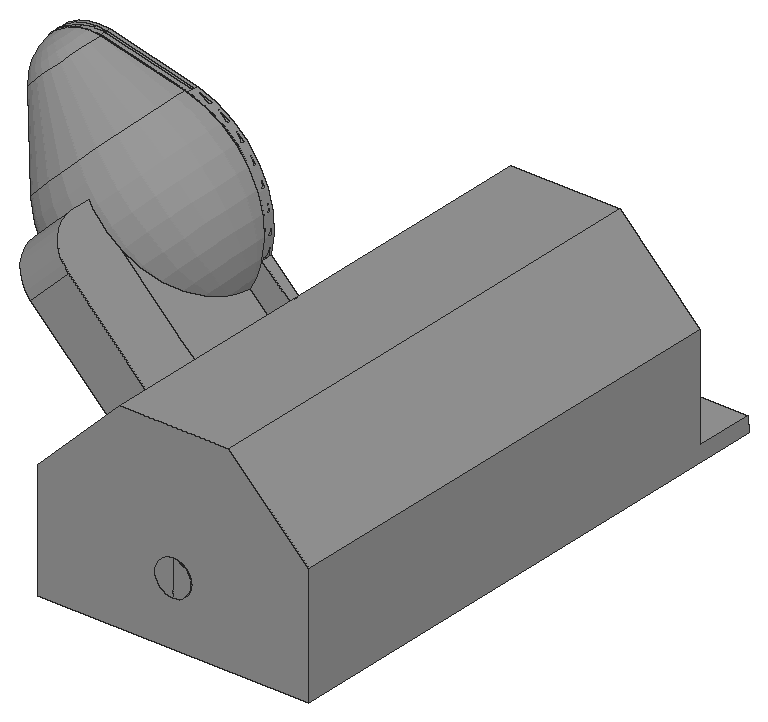
Revit family "Combination-Willoughby-ECF-1847-R-L-ON", category Plumbing Fixtures, Revit 2015
Parameters (values of type "Standard")
  Waste DIA = 2 3/8"
  Waste Connection = yes
  Vent Connection = no
  URL = "https://www.willoughby-ind.com/wp-content/uploads/2017/12/1847.pdf"
  Type Comments = ""
  Revision = "A"
  Lav Waste DIA = 1 1/2"
  Lav Waste Connection = yes
  HW Connection = no
  Flush Inlet DIA = 1 1/2"
  Flush Inlet Connection = yes
  Fixture Body = Stainless Steel AISI 304-Willoughby
  Model = "ECF-1847-R-L-ON"
  Manufacturer = "Willoughby Industries"
  Description = "1847 Combination Unit, Floor toilet waste outlet, Left toilet, Right Lav. Bowl, On Floor mounted"
  Default Elevation = 0' - 0"
  Contact = "(800) 428-4065"
  CW Connection = no
Reference planes (in)
  plane 1 "Center (Front/Back)": y = 0
  plane 2: z = 0
  plane 3 "Center (Left/Right)": x = 0
  plane 4: x = 3.59375
  plane 5: x = -3.59375
  plane 6: x = 9
  plane 7: x = -9
  plane 8: z = 7.9375
  plane 9: z = 13.25
  plane 10: z = 1.0625
  plane 11: x = -6.375
  plane 12: x = 2.25
  plane 13: y = 14.99123
  plane 14: y = 20.5
  plane 15: y = 24.5
  plane 16 "Floor Waste": z = 4.25
  plane 17: through (-3.94669, 15.24123, 29.94763) normal (-0.7071, 0, 0.7071)
  plane 18: through (-12.27612, 15.24123, 28.51249) normal (-0.7071, 0, 0.7071)
  plane 19: through (-13.86327, 15.24123, 22.31116) normal (0.7071, 0, 0.7071)
  plane 20: through (-18.10591, 15.24123, 18.06852) normal (0.7071, 0, 0.7071)
Forms (in)
  Extrusion 1, solid, material "Stainless Steel AISI 304-Willoughby" <- "Fixture Body"
    sketch origin (0, 0, 0) x (1, 0, 0) y (0, 0, 1)
      loop
        line (9, 0) -> (9, 7.9375) -> (3.6875, 13.25) -> (-3.59375, 13.25) -> (-9, 7.84375) -> (-9, 0) -> (9, 0)
    from 0 to -32.5
  Extrusion 2, solid, material "Stainless Steel AISI 304-Willoughby" <- "Fixture Body"
    sketch origin (0, 0, 0) x (1, 0, 0) y (0, 0, 1)
      loop
        line (9, 0) -> (9, 1.0625) -> (-9, 1.0625) -> (-9, 0) -> (9, 0)
    from -32.5 to -36.5
  Extrusion 3, void
    sketch origin (0, 0, 0) x (1, 0, 0) y (0, 0, 1)
      loop
        line (8.03033, 7.1394) -> (2.55026, 12.61861)
        arc (2.55026, 12.61861) -> (2.40417, 12.71659) -> (2.23166, 12.75101) r 0.44955
        line (2.23166, 12.75101) -> (0.18776, 12.75101)
        arc (0.18776, 12.75101) -> (-0.69647, 12.38474) -> (-1.06274, 11.50051) r 1.2505
        line (-1.06274, 11.50051) -> (-1.06274, 4.92717)
        arc (-1.06274, 4.92717) -> (-0.94854, 4.35308) -> (-0.62332, 3.86639) r 1.50011
        line (-0.62332, 3.86639) -> (0.06911, 3.1742)
        arc (0.06911, 3.1742) -> (0.6082, 2.81399) -> (1.24411, 2.6875) r 1.66169
        line (1.24411, 2.6875) -> (6.75, 2.6875)
        arc (6.75, 2.6875) -> (7.81066, 3.12684) -> (8.25, 4.1875) r 1.5
        line (8.25, 4.1875) -> (8.25, 6.60907)
        arc (8.25, 6.60907) -> (8.19291, 6.89609) -> (8.03033, 7.1394) r 0.75
    from -32.5 to -27
  Revolve 4, solid, material "Stainless Steel AISI 304-Willoughby" <- "Fixture Body"
    sketch origin (0, 20.5, -12.68404) x (0, 0, -1) y (-1, 0, 0)
      loop
        line (-12.68299, 6.375) -> (-14.18404, 6.375) -> (-14.18404, 5.625) -> (-12.68299, 5.625) -> (-12.68299, 6.375)
      axis (-12.68299, 6.375) -> (-14.18404, 6.375)
    angle from 0 to 360
  Revolve 5, solid, material "Stainless Steel AISI 304-Willoughby" <- "Fixture Body"
    sketch origin (0, 24.5, -7.01223) x (0, 0, -1) y (-1, 0, 0)
      loop
        line (-4.00442, -2.25) -> (-8.51223, -2.25) -> (-8.51223, -3) -> (-4.00442, -3) -> (-4.00442, -2.25)
      axis (-4.00442, -2.25) -> (-8.51223, -2.25)
    angle from 0 to 360
  Revolve 6, solid, material "Stainless Steel AISI 304-Willoughby" <- "Fixture Body"
    sketch origin (0, 0, 0) x (0, 1, 0) y (0, 0, 1)
      loop
        line (-0.04473, 4.25) -> (-0.04473, 3.0625) -> (2, 3.0625) -> (2, 4.25) -> (-0.04473, 4.25)
      axis (-0.04473, 4.25) -> (2, 4.25)
    angle from 0 to 360
  Revolve 7, solid, material "Stainless Steel AISI 304-Willoughby" <- "Fixture Body"
    sketch origin (-3.34786, 14.74123, 7.55312) x (0.707107, 0, -0.707107) y (-0.707107, 0, -0.707107)
      loop
        arc (-16.25875, -6.02566) -> (-9.22764, -6.08019) -> (-5.69625, 0) r 7
        line (-5.69625, 0) -> (-6.19625, 0)
        arc (-6.19625, 0) -> (-9.4731, -5.64458) -> (-15.99973, -5.59794) r 6.5
        line (-15.99973, -5.59794) -> (-20.8721, -2.57392)
        arc (-20.8721, -2.57392) -> (-21.91777, -1.47245) -> (-22.28998, 0) r 3
        line (-22.28998, 0) -> (-22.79, 0)
        arc (-22.79, 0) -> (-22.35472, -1.71553) -> (-21.13577, -2.99875) r 3.5
        line (-21.13577, -2.99875) -> (-16.25875, -6.02566)
      axis (-22.79, 0) -> (-5.69625, 0)
    angle from 0 to 180
  Extrusion 8, solid, material "Stainless Steel AISI 304-Willoughby" <- "Fixture Body"
    sketch origin (-3.19577, 14.74123, 7.40102) x (0.707107, 0, -0.707107) y (-0.707107, 0, -0.707107)
      loop
        arc (-16.31246, -6.11221) -> (-11.15584, -6.77641) -> (-6.96698, -3.69657) r 6.99024
        line (-6.96698, -3.69657) -> (-4.40074, -3.69657) -> (-4.40074, 3.65625) -> (-6.9421, 3.65625)
        arc (-6.9421, 3.65625) -> (-11.2049, 6.78845) -> (-16.44046, 6.03277) r 6.98205
        line (-16.44046, 6.03277) -> (-21.4104, 2.94819)
        arc (-21.4104, 2.94819) -> (-23.00527, 0) -> (-21.4104, -2.94819) r 3.52237
        line (-21.4104, -2.94819) -> (-16.31246, -6.11221)
      loop
        line (-20.34476, -1.63051) -> (-15.05004, -3.88749)
        arc (-15.05004, -3.88749) -> (-8.1517, 0) -> (-15.05004, 3.88749) r 4.54455
        line (-15.05004, 3.88749) -> (-20.34476, 1.63051)
        arc (-20.34476, 1.63051) -> (-21.22494, 0) -> (-20.34476, -1.63051) r 1.95034
    from 0.25 to -0.5
  Extrusion 9, solid, material "Stainless Steel AISI 304-Willoughby" <- "Fixture Body"
    sketch origin (-7.02216, 14.99123, 11.22742) x (0, 1, 0) y (-0.707107, 0, 0.707107)
      loop
        line (-6.77192, 9.05193) -> (-8.17415, 9.05193)
        arc (-8.17415, 9.05193) -> (-10.09199, 8.25753) -> (-10.88639, 6.33969) r 2.71224
        line (-10.88639, 6.33969) -> (-10.88639, -1.0106) -> (-6.77192, -1.0106) -> (-6.77192, 9.05193)
    from 1.75 to -1.75
  Extrusion 10, solid, material "Stainless Steel AISI 304-Willoughby" <- "Fixture Body"
    sketch origin (-7.02216, 14.99123, 11.22742) x (0, 1, 0) y (-0.707107, 0, 0.707107)
      loop
        line (-6.77192, -1.0106) -> (-0.75, -1.0106) -> (-0.75, 0.82799)
        arc (-0.75, 0.82799) -> (-4.5139, 2.48885) -> (-6.77192, 5.92785) r 7.26374
        line (-6.77192, 5.92785) -> (-6.77192, -1.0106)
    from 1.75 to -1.75
Cuts and joins
  Extrusion 3 cuts Extrusion 1
  joined: Extrusion 1, Extrusion 2
Lines and regions (in)
  symbolic lines
    curve 1: line (0, 32.5, 13.25) -> (0, 0, 13.25)
    curve 2: line (0, 0, 13.25) -> (0, 0, 0)
    curve 3: line (0, 0, 0) -> (0, 36.5, 0)
    curve 4: line (0, 36.5, 0) -> (0, 36.5, 1.0625)
    curve 5: line (0, 36.5, 1.0625) -> (0, 32.5, 1.0625)
    curve 6: line (0, 32.5, 1.0625) -> (0, 32.5, 13.25)
    curve 7: line (-3.59375, 0, 13.25) -> (-9, 0, 7.84375)
    curve 8: line (-9, 0, 7.84375) -> (-9, 0, 0)
    curve 9: line (-9, 0, 0) -> (9, 0, 0)
    curve 10: line (9, 0, 0) -> (9, 0, 7.9375)
    curve 11: line (9, 0, 7.9375) -> (3.6875, 0, 13.25)
    curve 12: line (3.6875, 0, 13.25) -> (-3.59375, 0, 13.25)
    curve 13: line (3.6875, 0, 13.25) -> (3.6875, 0, 15.55787)
    curve 14: arc (3.6875, 0, 15.55787) -> (6.88728, 0, 19.95426) -> (6.02566, 0, 25.3231) r 7.07985
    curve 15: line (6.02566, 0, 25.3231) -> (3.53025, 0, 29.34375)
    curve 16: line (3.53025, 0, 29.34375) -> (2.99875, 0, 30.20012)
    curve 17: arc (2.99875, 0, 30.20012) -> (0, 0, 31.86832) -> (-2.99875, 0, 30.20012) r 3.52937
    curve 18: line (-2.99875, 0, 30.20012) -> (-6.02566, 0, 25.3231)
    curve 19: arc (-6.02566, 0, 25.3231) -> (-6.87574, 0, 19.98112) -> (-3.65625, 0, 15.63437) r 6.98398
    curve 20: line (-3.65625, 0, 15.63437) -> (-3.65625, 0, 13.26432)
    curve 21: line (8.03033, 0, 7.1394) -> (2.55025, 0, 12.61948)
    curve 22: arc (2.55025, 0, 12.61948) -> (2.40408, 0, 12.71703) -> (2.23166, 0, 12.75101) r 0.44906
    curve 23: line (2.23166, 0, 12.75101) -> (0.18776, 0, 12.75101)
    curve 24: arc (0.18776, 0, 12.75101) -> (-0.69647, 0, 12.38474) -> (-1.06274, 0, 11.50051) r 1.2505
    curve 25: line (-1.06274, 0, 11.50051) -> (-1.06274, 0, 4.92717)
    curve 26: arc (-1.06274, 0, 4.92717) -> (-0.94855, 0, 4.3531) -> (-0.62336, 0, 3.86643) r 1.50011
    curve 27: line (-0.62336, 0, 3.86643) -> (0.08378, 0, 3.15928)
    curve 28: arc (0.08378, 0, 3.15928) -> (0.61622, 0, 2.80602) -> (1.24411, 0, 2.6875) r 1.61124
    curve 29: line (1.24411, 0, 2.6875) -> (6.75, 0, 2.6875)
    curve 30: arc (6.75, 0, 2.6875) -> (7.81066, 0, 3.12684) -> (8.25, 0, 4.1875) r 1.5
    curve 31: line (8.25, 0, 4.1875) -> (8.25, 0, 6.60907)
    curve 32: arc (8.25, 0, 6.60907) -> (8.19291, 0, 6.89609) -> (8.03033, 0, 7.1394) r 0.75
    curve 33: line (3.6875, 0, 13.25) -> (3.6875, 0, 15.81062)
    curve 34: line (0, 4.10484, 13.25) -> (0, 4.10484, 20.60029)
    curve 35: arc (0, 4.10484, 20.60029) -> (0, 4.89924, 22.51813) -> (0, 6.81708, 23.31253) r 2.71224
    curve 36: line (0, 6.81708, 23.31253) -> (0, 8.16239, 23.31253)
    curve 37: arc (0, 8.16239, 23.31253) -> (0, 7.97443, 21.63188) -> (0, 8.22092, 19.95881) r 6.58179
    curve 38: arc (0, 8.22092, 19.95881) -> (0, 10.45529, 16.54122) -> (0, 14.24123, 15.01185) r 6.82194
    curve 39: line (0, 14.24123, 15.01185) -> (0, 14.24123, 13.25)
    curve 40: line (0, 14.99123, 13.25) -> (0, 14.99123, 31.85452)
    curve 41: line (0, 14.99123, 31.85452) -> (0, 14.24123, 31.85452)
    curve 42: arc (0, 14.24123, 31.85452) -> (0, 12.93445, 31.35966) -> (0, 11.88402, 30.43817) r 3.92303
    curve 43: line (0, 11.88402, 30.43817) -> (0, 8.71557, 25.3231)
    curve 44: arc (0, 8.71557, 25.3231) -> (0, 8.22344, 24.35254) -> (0, 7.90325, 23.31253) r 6.38582
    curve 45: line (-9, 0, 0) -> (-9, 36.5, 0)
    curve 46: line (-9, 36.5, 0) -> (9, 36.5, 0)
    curve 47: line (9, 36.5, 0) -> (9, 0, 0)
    curve 48: line (9, 0, 0) -> (-9, 0, 0)
    curve 49: line (-9, 32.5, 0) -> (9, 32.5, 0)
    curve 50: line (-6.99724, 14.99123, 0) -> (6.99885, 14.99123, 0)
    curve 51: arc (6.99885, 14.24123, 0) -> (4.74781, 9.63923, 0) -> (0, 7.7147, 0) r 7.16901
    curve 52: arc (0, 7.7147, 0) -> (-4.74939, 9.63698, 0) -> (-6.99724, 14.24123, 0) r 7.15796
    curve 53: line (-6.99724, 14.24123, 0) -> (-6.99724, 14.99123, 0)
    curve 54: line (6.99885, 14.99123, 0) -> (6.99885, 14.24123, 0)
    curve 55: line (-1.75, 7.96556, 0) -> (-1.75, 4.10484, 0)
    curve 56: line (-1.75, 4.10484, 0) -> (1.75, 4.10484, 0)
    curve 57: line (1.75, 4.10484, 0) -> (1.75, 7.96732, 0)
Dimensions and locks (in)
  equal spacing: plane 4, plane 3 "Center (Left/Right)", plane 5
  plane 4 to plane 5 = 0' - 7 3/16"
  equal spacing: plane 6, plane 3 "Center (Left/Right)", plane 7
  plane 6 to plane 7 = 1' - 6"
  plane 6 to plane 3 "Center (Left/Right)" = 0' - 9"
  level to plane 9 = 1' - 1 1/4"
  level to plane 8 = 0' - 7 15/16"
  plane 6 to plane 12 = 0' - 6 3/4"
  plane 13 to plane 1 "Center (Front/Back)" = 1' - 2.99123"
  plane 14 to plane 1 "Center (Front/Back)" = 1' - 8 1/2"
  plane 15 to plane 1 "Center (Front/Back)" = 2' - 0 1/2"
  plane 1 "Center (Front/Back)" to plane 14 = 1' - 8 1/2"
  locked: plane 1 "Center (Front/Back)" to plane 15 at 24.5
  locked: plane 1 "Center (Front/Back)" to plane 13 at 14.99123
  locked: plane 1 "Center (Front/Back)" to cut or joined group of Extrusion 1, Extrusion 2, Extrusion 3 at 32.5
  locked: cut or joined group of Extrusion 1, Extrusion 2, Extrusion 3 to plane 1 "Center (Front/Back)" at 36.5
  locked: plane 7 to plane 6 at 18
  locked: plane 7 to plane 11 at 2.625
  plane 7 to plane 3 "Center (Left/Right)" = 0' - 9"
  locked: plane 12 to plane 6 at 6.75
  plane 19 to plane 20 = 0' - 6"
  aligned and locked: plane 6 to Extrusion 2
  aligned and locked: Extrusion 2 to plane 10
  aligned and locked: Extrusion 2 to plane 7
  aligned and locked: Extrusion 2 to level
  aligned and locked: Revolve 6 sketch curve to Revolve 6 sketch curve  (x2)
Automatic sketch dimensions
  Extrusion 1 sketch curve to level = 0' - 0"
  Extrusion 1 sketch curve to plane 7 = 0' - 0"
  Extrusion 1 sketch curve to plane 5 = 0' - 0"
  Extrusion 1 sketch curve to plane 9 = 0' - 0"
  Extrusion 1 sketch curve to plane 6 = 0' - 0"
  Extrusion 1 sketch curve to plane 8 = 0' - 0"
  plane 4 to Extrusion 1 sketch curve = 0' - 0 3/32"
  Extrusion 1 sketch curve to plane 8 = 0' - 0 3/32"
  Extrusion 2 sketch curve to level = 0' - 0"
  Extrusion 2 sketch curve to plane 7 = 0' - 0"
  Extrusion 2 sketch curve to plane 6 = 0' - 0"
  Extrusion 2 sketch curve to plane 10 = 0' - 0"
  Extrusion 3 sketch curve to plane 3 "Center (Left/Right)" = 0' - 1.06274"
  plane 16 "Floor Waste" to Extrusion 3 sketch curve = 0' - 0.38361"
  Extrusion 3 sketch curve to plane 3 "Center (Left/Right)" = 0' - 0.62332"
  plane 3 "Center (Left/Right)" to Extrusion 3 sketch curve = 0' - 0.06911"
  plane 3 "Center (Left/Right)" to Extrusion 3 sketch curve = 0' - 0.18776"
  plane 3 "Center (Left/Right)" to Extrusion 3 sketch curve = 0' - 0.43738"
  Extrusion 3 sketch curve to plane 16 "Floor Waste" = 0' - 0.09919"
  Extrusion 3 sketch curve to Extrusion 3 sketch curve = 0' - 0.80673"
  Extrusion 3 sketch curve to plane 12 = 0' - 0.01834"
  plane 12 to Extrusion 3 sketch curve = 0' - 0.30026"
  Extrusion 3 sketch curve to plane 6 = 0' - 2 1/4"
  Extrusion 3 sketch curve to plane 6 = 0' - 1 1/2"
  Extrusion 3 sketch curve to Extrusion 3 sketch curve = 0' - 0.53033"
  Extrusion 3 sketch curve to Extrusion 3 sketch curve = 0' - 0.21967"
  Extrusion 3 sketch curve to Extrusion 3 sketch curve = 0' - 0.69219"
  Extrusion 3 sketch curve to plane 8 = 0' - 1.32843"
  Extrusion 3 sketch curve to plane 9 = 0' - 1.74949"
  Extrusion 3 sketch curve to Extrusion 3 sketch curve = 0' - 0.44955"
  Revolve 4 sketch curve to plane 11 = 0' - 0"  (x2)
  Revolve 4 sketch curve to plane 10 = 0' - 0 7/16"
  plane 11 to Revolve 4 sketch curve = 0' - 0 3/4"
  Revolve 4 sketch curve to level = 0' - 0.00105"
  Revolve 4 sketch curve to Revolve 4 sketch curve = 0' - 0"
  Revolve 4 sketch curve to Revolve 4 sketch curve = 0' - 2.49895"
  Revolve 5 sketch curve to plane 12 = 0' - 0"  (x2)
  Revolve 5 sketch curve to plane 10 = 0' - 0 7/16"
  Revolve 5 sketch curve to plane 4 = 0' - 0 19/32"
  Revolve 5 sketch curve to level = 0' - 3 1/128"
  Revolve 5 sketch curve to Revolve 5 sketch curve = 0' - 0"
  Revolve 5 sketch curve to Revolve 5 sketch curve = 0' - 0 65/128"
  plane 16 "Floor Waste" to Revolve 6 sketch curve = 0' - 0"
  plane 1 "Center (Front/Back)" to Revolve 6 sketch curve = 0' - 0.04473"
  Revolve 6 sketch curve to plane 1 "Center (Front/Back)" = 0' - 2"
  Revolve 6 sketch curve to Revolve 6 sketch curve = 0' - 1 3/16"
  Revolve 6 sketch curve to Revolve 6 sketch curve = 0' - 0"
  curve 7 to plane 7 = 0' - 0"
  curve 7 to plane 5 = 0' - 0"
  curve 17 to plane 3 "Center (Left/Right)" = 0' - 0"
  curve 33 to plane 9 = 0' - 0"
  curve 11 to plane 6 = 0' - 0"
  curve 9 to level = 0' - 0"
  curve 11 to plane 8 = 0' - 0"
  plane 11 to curve 18 = 0' - 0.34934"
  curve 20 to plane 5 = 0' - 0 1/16"
  plane 5 to curve 18 = 0' - 0.595"
  curve 25 to plane 3 "Center (Left/Right)" = 0' - 1.06274"
  plane 16 "Floor Waste" to curve 27 = 0' - 0.38357"
  curve 27 to plane 3 "Center (Left/Right)" = 0' - 0.62336"
  curve 19 to plane 3 "Center (Left/Right)" = 0' - 0.09168"
  plane 3 "Center (Left/Right)" to curve 14 = 0' - 0.00204"
  plane 3 "Center (Left/Right)" to curve 27 = 0' - 0.08378"
  plane 3 "Center (Left/Right)" to curve 24 = 0' - 0.18776"
  plane 3 "Center (Left/Right)" to curve 26 = 0' - 0.43738"
  curve 28 to plane 16 "Floor Waste" = 0' - 0.0486"
  curve 26 to curve 28 = 0' - 0.78572"
  curve 29 to plane 12 = 0' - 1.00589"
  curve 23 to plane 12 = 0' - 0.01834"
  curve 22 to plane 12 = 0' - 0.01728"
  plane 12 to curve 21 = 0' - 0.30025"
  curve 16 to plane 4 = 0' - 0.595"
  curve 15 to plane 4 = 0' - 0.0635"
  plane 4 to curve 13 = 0' - 0 3/32"
  plane 4 to curve 15 = 0' - 2.43191"
  curve 29 to plane 6 = 0' - 2 1/4"
  curve 32 to plane 6 = 0' - 1 1/2"
  curve 32 to curve 21 = 0' - 0.53033"
  plane 16 "Floor Waste" to curve 31 = 0' - 0 1/16"
  curve 31 to plane 6 = 0' - 0 3/4"
  curve 32 to plane 8 = 0' - 1.32843"
  curve 8 to plane 8 = 0' - 0 3/32"
  curve 24 to plane 9 = 0' - 1.74949"
  curve 22 to curve 22 = 0' - 0.44906"
  curve 11 to curve 13 = 0' - 2.30787"
  plane 9 to curve 20 = 0' - 2.38437"
  curve 20 to curve 14 = 0' - 5.96847"
  curve 14 to curve 19 = 0' - 0.03734"
  curve 19 to curve 17 = 0' - 6.69877"
  curve 17 to curve 16 = 0' - 1.0048"
  curve 17 to curve 18 = 0' - 1.86117"
  plane 9 to curve 20 = 0' - 0.01432"
  curve 14 to curve 33 = 0' - 0.25275"
  curve 1 to plane 1 "Center (Front/Back)" = 0' - 0"
  curve 34 to plane 9 = 0' - 0"
  curve 41 to plane 13 = 0' - 0"
  plane 10 to curve 6 = 0' - 0"
  curve 4 to level = 0' - 0"
  curve 34 to plane 1 "Center (Front/Back)" = 0' - 4.10484"
  curve 34 to curve 35 = 0' - 2.71224"
  curve 36 to curve 36 = 0' - 1.3453"
  curve 43 to plane 13 = 0' - 3.10721"
  curve 44 to plane 13 = 0' - 0.84696"
  curve 41 to plane 13 = 0' - 0 3/4"
  curve 39 to plane 13 = 0' - 0 3/4"
  curve 37 to plane 13 = 0' - 0.43602"
  curve 38 to plane 13 = 0' - 0.20489"
  curve 42 to plane 13 = 0' - 0.03626"
  plane 15 to curve 6 = 0' - 8"
  curve 5 to curve 4 = 0' - 4"
  curve 39 to curve 39 = 0' - 1.76185"
  plane 9 to curve 34 = 0' - 7.35029"
  curve 37 to curve 36 = 0' - 1.56578"
  curve 37 to curve 38 = 0' - 0.06524"
  curve 37 to curve 44 = 0' - 0.21363"
  curve 44 to curve 42 = 0' - 6.03659"
  curve 42 to curve 43 = 0' - 2.44121"
  curve 44 to curve 36 = 0' - 0.25914"
  curve 37 to curve 43 = 0' - 0.55318"
  plane 1 "Center (Front/Back)" to curve 45 = 0' - 0"
  curve 45 to plane 7 = 0' - 0"
  curve 53 to plane 13 = 0' - 0"
  curve 52 to plane 3 "Center (Left/Right)" = 0' - 0"
  curve 46 to plane 6 = 0' - 0"
  curve 53 to plane 11 = 0' - 0.62224"
  curve 55 to plane 3 "Center (Left/Right)" = 0' - 1 3/4"
  curve 51 to plane 13 = 0' - 0.10892"
  curve 51 to plane 3 "Center (Left/Right)" = 0' - 0.14144"
  plane 3 "Center (Left/Right)" to curve 52 = 0' - 0.13292"
  curve 55 to plane 1 "Center (Front/Back)" = 0' - 4.10484"
  curve 53 to curve 50 = 0' - 0 3/4"
  curve 54 to curve 50 = 0' - 0 3/4"
  plane 15 to curve 46 = 1' - 0"
  curve 57 to plane 12 = 0' - 0 1/2"
  curve 52 to curve 57 = 0' - 0.25262"
  curve 49 to curve 46 = 0' - 4"
  Revolve 7 sketch curve to Revolve 7 sketch curve = 0' - 0"  (x7)
  plane 17 to Revolve 7 sketch curve = 0' - 0"
  Revolve 7 sketch curve to plane 18 = 0' - 1.84366"
  Revolve 7 sketch curve to plane 18 = 0' - 0.26165"
  Revolve 7 sketch curve to plane 19 = 0' - 0.00125"
  plane 18 to Revolve 7 sketch curve = 0' - 0.00202"
  plane 18 to Revolve 7 sketch curve = 0' - 1 5/32"
  Revolve 7 sketch curve to Revolve 7 sketch curve = 0' - 0 1/2"  (x2)
  Revolve 7 sketch curve to plane 17 = 0' - 0.25901"
  Revolve 7 sketch curve to plane 17 = 0' - 3 9/16"
  Revolve 7 sketch curve to plane 19 = 0' - 3"
  Revolve 7 sketch curve to Revolve 7 sketch curve = 0' - 6 1/2"
  Revolve 7 sketch curve to plane 19 = 0' - 0.42608"
  Extrusion 8 sketch curve to plane 5 = 1' - 0.65677"
  plane 9 to Extrusion 8 sketch curve = 0' - 11.37515"
  Extrusion 8 sketch curve to Extrusion 8 sketch curve = 0' - 0"  (x2)
  Extrusion 8 sketch curve to Extrusion 8 sketch curve = 0' - 1.06564"  (x2)
  Extrusion 8 sketch curve to Extrusion 8 sketch curve = 0' - 0.86186"
  Extrusion 8 sketch curve to Extrusion 8 sketch curve = 0' - 0.2083"
  Extrusion 8 sketch curve to Extrusion 8 sketch curve = 0' - 4.96994"
  Extrusion 8 sketch curve to Extrusion 8 sketch curve = 0' - 5.09794"
  Extrusion 8 sketch curve to Extrusion 8 sketch curve = 0' - 1.39042"
  Extrusion 8 sketch curve to Extrusion 8 sketch curve = 0' - 1.26242"
  Extrusion 8 sketch curve to Extrusion 8 sketch curve = 0' - 2.14484"
  Extrusion 8 sketch curve to Extrusion 8 sketch curve = 0' - 0.00561"
  Extrusion 8 sketch curve to Extrusion 8 sketch curve = 0' - 0.20334"
  Extrusion 8 sketch curve to Extrusion 8 sketch curve = 0' - 5.72926"
  Extrusion 8 sketch curve to Extrusion 8 sketch curve = 0' - 5.75415"
  Extrusion 8 sketch curve to Extrusion 8 sketch curve = 0' - 2.54136"
  Extrusion 8 sketch curve to Extrusion 8 sketch curve = 0' - 0.74838"
  Extrusion 8 sketch curve to Extrusion 8 sketch curve = 0' - 0.9393"
  Extrusion 8 sketch curve to Extrusion 8 sketch curve = 0' - 2.22472"
  Extrusion 8 sketch curve to Extrusion 8 sketch curve = 0' - 1.31767"
  Extrusion 8 sketch curve to Extrusion 8 sketch curve = 0' - 0.00861"
  Extrusion 8 sketch curve to Extrusion 8 sketch curve = 0' - 1.63051"
  Extrusion 8 sketch curve to Extrusion 8 sketch curve = 0' - 0.0238"
  Extrusion 8 sketch curve to Extrusion 8 sketch curve = 0' - 3 21/32"
  Extrusion 9 sketch curve to plane 1 "Center (Front/Back)" = 0' - 4.10484"
  Extrusion 9 sketch curve to Extrusion 9 sketch curve = 0' - 2.71224"
  Extrusion 9 sketch curve to Extrusion 9 sketch curve = 0' - 4.11447"
  Extrusion 9 sketch curve to Extrusion 9 sketch curve = 0' - 7.35029"
  Extrusion 10 sketch curve to plane 13 = 0' - 6.77192"
  Extrusion 10 sketch curve to plane 13 = 0' - 0 3/4"
  plane 13 to Extrusion 10 sketch curve = 0' - 0.18041"
  Extrusion 10 sketch curve to Extrusion 10 sketch curve = 0' - 1.83859"
  Extrusion 10 sketch curve to Extrusion 10 sketch curve = 0' - 6.93845"
Connectors (in)
  piping at (-6.375, 20.5, -0.00105), diameter 1.5, driven by "Flush Inlet DIA", driven by "Flush Inlet Connection"
    settings: on Revolve 4, index 2, connector inside diameter 24", connector length 0' - 0", flow factor 0, pipe flow 0 GPM, pressure drop 0.00 psi, fitting loss kfactor 0, connector angle 0.00°, fixture units 0, engagement length 0' - 0", angle of deflection 0.00°, flow configuration 0, flow direction 1, fitting loss method 0, system type 20, joint type 0, gender type 0, connector reference index -1, connector utility 1, adjustable connector no, is connector primary yes, connector description "Flush inlet"
  piping at (2.25, 24.5, -3.00781), diameter 1.5, driven by "Lav Waste DIA", driven by "Lav Waste Connection"
    settings: on Revolve 5, index 3, connector inside diameter 24", connector length 0' - 0", flow factor 0, pipe flow 0 GPM, pressure drop 0.00 psi, fitting loss kfactor 0, connector angle 0.00°, fixture units 0, engagement length 0' - 0", angle of deflection 0.00°, flow configuration 0, flow direction 2, fitting loss method 0, system type 16, joint type 0, gender type 0, connector reference index -1, connector utility 1, adjustable connector no, is connector primary no, connector description "Sink Waste"
  piping at (0, -0.04473, 4.25), diameter 2.375, driven by "Waste Connection", driven by "Waste DIA"
    settings: on Revolve 6, index 4, connector inside diameter 24", connector length 0' - 0", flow factor 0, pipe flow 1.28 GPM, pressure drop 0.00 psi, fitting loss kfactor 0, connector angle 0.00°, fixture units 0, engagement length 0' - 0", angle of deflection 0.00°, flow configuration 0, flow direction 2, fitting loss method 0, system type 16, joint type 0, gender type 0, connector reference index -1, connector utility 1, adjustable connector no, is connector primary no, connector description "Toilet Waste"
